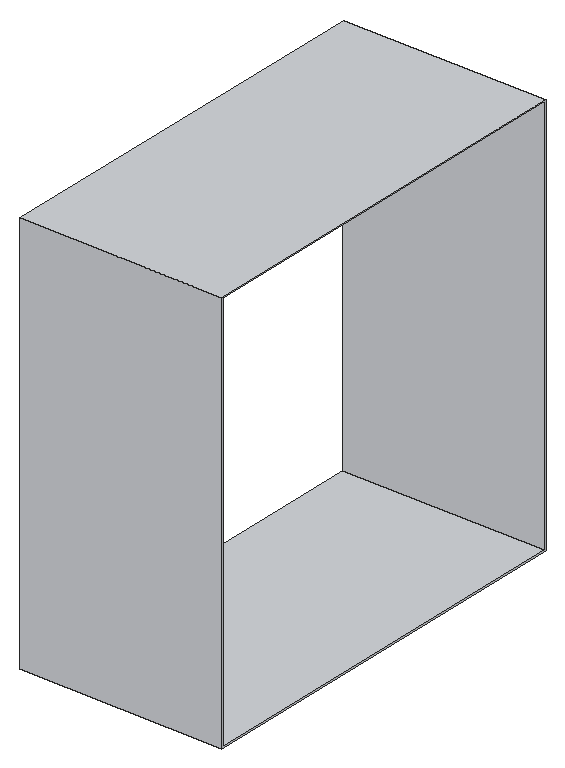
Revit family "RWS", category Duct Accessories, Revit 2021
Family settings
  Round Connector Dimension = Use Diameter
  Part Type = Attaches To
  Work Plane-Based = Yes
  Always vertical = Yes
  Cut with Voids When Loaded = No
  Shared = No
Parameters
  Width [instance] = 1' - 0"
  TS_Point_Number [instance] = GTP_PointNumber_0  # ""
  TS_Point_Description [instance] = "RWS"
  Length [instance] = 0' - 6"
  Height [instance] = 1' - 0"
  GTP_PointRole_0 [instance] = ""
  GTP_PointNumber_0 [instance] = ""
  GTP_PointElement_0 [instance] = ""
  GTP_LinkedParam_0 [instance] = "GTP_PointNumber_0"
  Default Elevation = 4' - 0"
Reference planes (in)
  plane 1 "Center (Front/Back)": y = 0
  plane 2: z = 0
  plane 3 "Center (Left/Right)": x = 0
  plane 4: x = 6
Forms (in)
  Extrusion 1, solid
    sketch origin (0, 0, 0) x (0, 1, 0) y (0, 0, 1)
      loop
        line (-6, 6) -> (-6, -6) -> (6, -6) -> (6, 6) -> (-6, 6)
      loop
        line (-5.96875, 5.96875) -> (-5.96875, -5.96875) -> (5.96875, -5.96875) -> (5.96875, 5.96875) -> (-5.96875, 5.96875)
    from 0 to 6
Dimensions and locks (in)
  locked: Extrusion 1 sketch curve to Extrusion 1 sketch curve at 0.03125  (x4)
  equal spacing: Extrusion 1 sketch curve, nested 1, Extrusion 1 sketch curve  (x2)
  "Width": Extrusion 1 sketch curve to Extrusion 1 sketch curve
  "Height": Extrusion 1 sketch curve to Extrusion 1 sketch curve
  "Length": plane 3 "Center (Left/Right)" to plane 4
  aligned and locked: plane 2 to level
  aligned and locked: plane 4 to Extrusion 1
  aligned and locked: plane 1 "Center (Front/Back)" to nested 1
  aligned and locked: level to nested 1
Nested families (in)
  nested 1: "GTP" at (0, 0, 0), PointNumber <- "GTP_PointNumber_0", PointRole <- "GTP_PointRole_0", PointElement <- "GTP_PointElement_0", LinkedParam <- "GTP_LinkedParam_0", PointDescription <- "TS_Point_Description", type "Generic Pt"
    with PointRole "", PointNumber "", PointElement "", PointDescription "RWS", LinkedParam "GTP_PointNumber_0"
Definition of nested family "GTP"
  Parameters (values of type "Generic Pt")
    URL = ""
    PointRole [instance] = "Stake Out"
    PointNumber [instance] = ""
    PointElement [instance] = ""
    PointDescription [instance] = "Generic Pt"
    Manufacturer = "Autodesk Inc."
    LinkedParam [instance] = ""
    Default Elevation = 0' - 0"
  Reference planes (in)
    plane 1 "Center (Front/Back)": y = 0
    plane 2: z = 0
    plane 3 "Center (Left/Right)": x = 0
  Forms (in)
    Extrusion 1, solid, detail levels medium+fine
      sketch origin (0, 0, 0) x (1, 0, 0) y (0, 1, 0)
        loop
          line (0.5, -0.5) -> (0.5, 0.5) -> (-0.5, 0.5) -> (-0.5, -0.5) -> (0.5, -0.5)
      from -0.5 to 0.5
  Lines and regions (in)
    model lines, detail levels coarse+medium
      curve 1: line (0, 0.5, 0) -> (0, 0, 0)
      curve 2: line (-0.5, 0, 0) -> (0, 0, 0)
      curve 3: line (0, 0, -0.5) -> (0, 0, 0)
      curve 4: line (0, 0, 0) -> (0.5, 0, 0)
      curve 5: line (0, 0, 0) -> (0, -0.5, 0)
      curve 6: line (0, 0, 0) -> (0, 0, 0.5)
